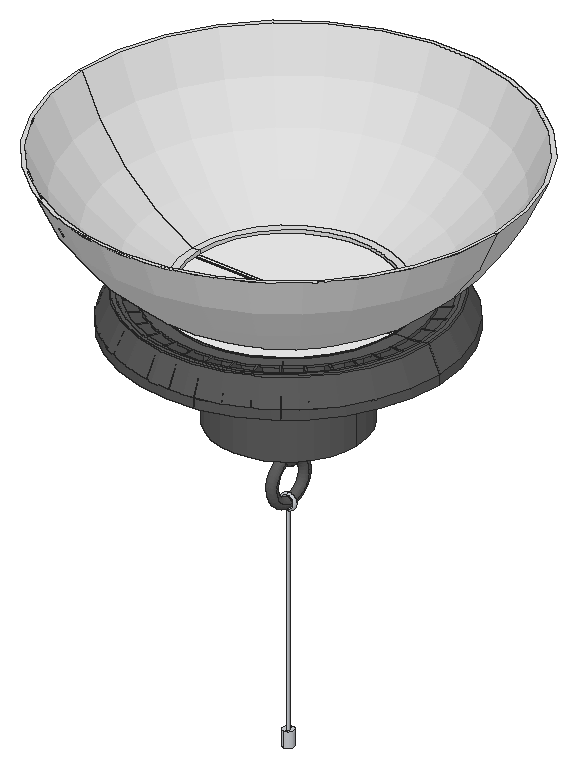
Revit family "0039366+0039356 Sylvania Lighting Fixture START HighBay IP65 DALI 19000lm 840 WB with ALU SHADE ALU COLOR FOR 13 19KLM pendant", category Lighting Fixtures, host Face, Revit 2017
Family settings
  Host = Face
  Round Connector Dimension = Use Diameter
  Part Type = Normal
  OmniClass Number = 23.80.70.00
  OmniClass Title = Lighting
  Cut with Voids When Loaded = No
  Light Source = Yes
  Shared = No
  Room Calculation Point = No
Parameters (values of type "0039366+0039356 START HighBay IP65 DALI 19000lm 840 WB with ALU SHADE ALU COLOR FOR 13/19KLM")
  WidthStraight_FEILO = if(SizeS_FEILO, 3 mm, if(SizeM_FEILO, 4 mm, 4.7 mm))  # 4 mm
  WidthRingChamfer_FEILO = if(SizeS_FEILO, 10.3 mm, if(SizeM_FEILO, 11.2 mm, 12.9 mm))  # 11.2 mm
  WidthCurved_FEILO = if(SizeS_FEILO, 17.4 mm, if(SizeM_FEILO, 16.4 mm, 26.2 mm))  # 16.4 mm
  WidthCurvedRing_FEILO = if(SizeS_FEILO, 3 mm, if(SizeM_FEILO, 4 mm, 4.7 mm))  # 4 mm
  WidthBracket_FEILO = 40 mm
  Weight = "3.4 kg"
  Wattage Comments = ""
  Wattage = 150 W
  WarrantyStartDate [instance] = "n/a"
  WarrantyGuarantorParts = "n/a"
  WarrantyDurationUnit = "n/a"
  WarrantyDurationParts = "n/a"
  WarrantyDescription = "n/a"
  built-in parameter 1150110 = 1 (stored number, unit not read)
  Voltage = 0 V
  VisibilityBracket_FEILO = no
  URL = "http://www.sylvania-lighting.com"
  TypeName = "START HighBay IP65 DALI 19000lm 840 WB with ALU SHADE ALU COLOR FOR 13/19KLM"
  Type Image = <None>
  Type Comments = "n/a"
  built-in parameter 1114217 = 1 (stored number, unit not read)
  Tilt Angle = -90.00°
  ThicknessWall_FEILO = 1.5 mm
  ThicknessBracket_FEILO = 1.5 mm
  ThicknessBracketHalf_FEILO = ThicknessBracket_FEILO / 2  # 0.75 mm
  built-in parameter 1150109 = 1 (stored number, unit not read)
  built-in parameter 1150134 = 1
  SuspensionHeight_FEILO [instance] = 400 mm
  built-in parameter 1150113 = 1 (stored number, unit not read)
  SizeS_FEILO = no
  SizeM_FEILO = yes
  ShadeThickness_FEILO = 3 mm
  ShadeSizeSM_FEILO = or(SizeS_FEILO, SizeM_FEILO)  # yes
  ShadeRadiusOut_FEILO = 205 mm
  ShadeRadiusIn_FEILO = if(ShadeSizeSM_FEILO, 95 mm, 121 mm)  # 95 mm
  ShadeRadiusBend_FEILO = if(ShadeSizeSM_FEILO, 210 mm, 210 mm)  # 210 mm
  ShadeHeight_FEILO = if(ShadeSizeSM_FEILO, 120 mm, 151 mm)  # 120 mm
  SerialNumber [instance] = "n/a"
  Rib4_FEILO = if(SizeS_FEILO, 18.1 mm, if(SizeM_FEILO, 13.6 mm, 14.6 mm))  # 13.6 mm
  Rib3_FEILO = if(SizeS_FEILO, 15.3 mm, if(SizeM_FEILO, 17.6 mm, 20.2 mm))  # 17.6 mm
  Rib2_FEILO = if(SizeS_FEILO, 3.6 mm, if(SizeM_FEILO, 3.9 mm, 4.5 mm))  # 3.9 mm
  Rib1_FEILO = if(SizeS_FEILO, 15.1 mm, if(SizeM_FEILO, 16.5 mm, 19 mm))  # 16.5 mm
  RadiusDiffuser_FEILO = if(SizeS_FEILO, 95.2 mm, if(SizeM_FEILO, 105.3 mm, 120 mm))  # 105.3 mm
  RadiusArrayPost_FEILO = DriverRadius_FEILO - 6 mm  # 61.2 mm
  RHRadius3_FEILO = if(SizeS_FEILO, 6.6 mm, if(SizeM_FEILO, 7.4 mm, 8.6 mm))  # 7.4 mm
  RHRadius2_FEILO = if(SizeS_FEILO, 11 mm, if(SizeM_FEILO, 12 mm, 14 mm))  # 12 mm
  RHRadius1_FEILO = if(SizeS_FEILO, 13.6 mm, if(SizeM_FEILO, 14.9 mm, 17.7 mm))  # 14.9 mm
  RHHeight4_FEILO = if(SizeS_FEILO, 7.3 mm, if(SizeM_FEILO, 8 mm, 9.2 mm))  # 8 mm
  RHHeight3_FEILO = if(SizeS_FEILO, 3.6 mm, if(SizeM_FEILO, 3.7 mm, 4.6 mm))  # 3.7 mm
  RHHeight2_FEILO = if(SizeS_FEILO, 2 mm, if(SizeM_FEILO, 2.2 mm, 2.6 mm))  # 2.2 mm
  RHHeight1_FEILO = if(SizeS_FEILO, 11.8 mm, if(SizeM_FEILO, 15.3 mm, 17.4 mm))  # 15.3 mm
  Photometric Web File = "0039366+0039356.ies"
  Material_5_FEILO = Shade-Sylvania-StartHighbay-Alu
  Material_3_FEILO = LED-Sylvania-StartHighbay-Glow
  PowerFactor = 0.95
  PowerConsumption = "150 W"
  NominalLength = 296 mm
  NominalHeight = 172 mm
  NominalDepth = 296 mm
  Name = "START HighBay IP65 DALI 19000lm 840 WB with ALU SHADE ALU COLOR FOR 13/19KLM"
  ModelReference = Name  # "START HighBay IP65 DALI 19000lm 840 WB with ALU SHADE ALU COLOR FOR 13/19KLM"
  ModelNumber = "0039366+0039356"
  Model = Name  # "START HighBay IP65 DALI 19000lm 840 WB with ALU SHADE ALU COLOR FOR 13/19KLM"
  Material = "aluminium alloy housing, polycarbonate diffuser"
  ManufacturerName = "Feilo Sylvania"
  Manufacturer = "Feilo Sylvania"
  LuminousEfficacy = "130 lm/W"
  built-in parameter 1150105 = 26502 (stored number, unit not read)
  Lumens = 19500 lm
  LuminaireType = ""
  built-in parameter 1150115 = 1 (stored number, unit not read)
  LightOutputRatio = "n/a"
  built-in parameter 1150137 = (empty or 0)
  built-in parameter 1150139 = (empty or 0)
  LampsType = Lamp  # "LED"
  LampNominalLuminous = "19500 lm"
  LampMacAdamStep = "6"
  LampColourTemperature = "6500 K"
  LampColourRenderingIndex = "80"
  built-in parameter 1150112 = 1 (stored number, unit not read)
  built-in parameter 1150114 = 1 (stored number, unit not read)
  Lamp = "LED"
  Keynote = "16500"
  InstallationDate [instance] = "n/a"
  InputVoltage = "n/a"
  InputNominalFrequency = "50/60 Hz"
  built-in parameter 1150132 = (empty or 0)
  built-in parameter 1150102 = (empty or 0)
  built-in parameter 1150107 = 6500 (stored number, unit not read)
  built-in parameter 1150138 = (empty or 0)
  IngressProtection = "IP65"
  ImpactProtectionIndex = "IK08"
  built-in parameter 1150106 = 265.02 (stored number, unit not read)
  IfcExportType = "IfcLightFixtureType"
  IfcExportAs = "IfcLightFixtureType"
  HeightRing_FEILO = if(SizeS_FEILO, 19.8 mm, if(SizeM_FEILO, 32 mm, 36.8 mm))  # 32 mm
  HeightRingChamfer_FEILO = if(SizeS_FEILO, 11.7 mm, if(SizeM_FEILO, 23.2 mm, 26.6 mm))  # 23.2 mm
  EyeThickness_FEILO = if(SizeS_FEILO, 8.4 mm, if(SizeM_FEILO, 9.2 mm, 10.5 mm))  # 9.2 mm
  EyeThicknessHalf_FEILO = EyeThickness_FEILO / 2  # 4.6 mm
  EyeInner_FEILO = if(SizeS_FEILO, 13.8 mm, if(SizeM_FEILO, 15.1 mm, 17.3 mm))  # 15.1 mm
  ExpectedLife = 50000
  Emit from Circle Diameter = RadiusDiffuser_FEILO * 2  # 210.6 mm
  Emit Shape Visible in Rendering = no
  ElectricShockClassification = "Class I"
  built-in parameter 1150104 = 12.077 (stored number, unit not read)
  DurationUnit = "hours"
  DriverVerticalStraight_FEILO = if(SizeS_FEILO, 46.5 mm, if(SizeM_FEILO, 49.7 mm, 57 mm))  # 49.7 mm
  DriverVerticalChamfer_FEILO = if(SizeS_FEILO, 7.5 mm, if(SizeM_FEILO, 8.2 mm, 9.5 mm))  # 8.2 mm
  DriverRadius_FEILO = if(SizeS_FEILO, 61.4 mm, if(SizeM_FEILO, 67.2 mm, 76.4 mm))  # 67.2 mm
  DriverRadiusTop_FEILO = if(SizeS_FEILO, 42 mm, if(SizeM_FEILO, 45.3 mm, 52.4 mm))  # 45.3 mm
  DriverBottom_FEILO = if(SizeS_FEILO, 56 mm, if(SizeM_FEILO, 64.5 mm, 74 mm))  # 64.5 mm
  DocumentationLiterature = "http://www.sylvania-lighting.com/product/en-int/products/0039366"
  DimmingControlOptions = "Dimmable"
  Material_2_FEILO = Diffuser-Sylvania-StartHighbay-Transparent
  Radius_FEILO = if(SizeS_FEILO, 135 mm, if(SizeM_FEILO, 148 mm, 169.5 mm))  # 148 mm
  Dimming Lamp Color Temperature Shift = <None>
  DiameterWire_FEILO = 3 mm
  DiameterWireSupport_FEILO = 10 mm
  Description = "START Highbay, includes 1 m cables, black aluminium housing, 19,500 Lm, 150 W, 130 Lm/W, 6500 K, drive current: 3300 mA, CRI 80, 90° beam angle, DALI dimmable, IP65, IK08, 50,000 hrs (L80/B50), (D x H) 296 x 172 mm."
  Default Elevation = 1219.2 mm
  CreatedOn = "5/15/2018"
  CreatedBy = ""
  Cost = 0
  Color Filter = 16777215
  built-in parameter 1114216 [instance] = (empty or 0)
  ClassificationValue = "EF_70_80"
  ClassificationName = "Uniclass2015"
  Material_1_FEILO = Body-Sylvania-StartHighbay-Black
  BarCode [instance] = "n/a"
  built-in parameter 1114218 = 1 (stored number, unit not read)
  built-in parameter 1150133 = 10 (stored number, unit not read)
  AssetType = "Fixed"
  AssetIdentifier [instance] = "n/a"
  Assembly Code = "D5020200"
  Apparent Load = 150 VA
  Material_4_FEILO = Shade-Sylvania-StartHighbay-Alu
Reference planes
  plane 1 "Center (Front/Back)": y = 0
  plane 2: z = 0
  plane 3 "Center (Left/Right)": x = 0
  plane 4: z = 400
  plane 5: x = -148
  plane 6: x = -136.8
  plane 7: z = 376.8
  plane 8: z = 368
  plane 9: x = -132.8
  plane 10: z = 397.375
  plane 11: x = -116.4
  plane 12: x = -105.3
  plane 13: x = -128.8
  plane 14: z = 398.375
  plane 15: z = 396.375
  plane 16: x = -102.3
  plane 17: z = 395.375
  plane 18: x = -146.5
  plane 19: x = -131.5
  plane 20: z = 364.1
  plane 21: x = -113.9
  plane 22: z = 350.5
  plane 23: x = -20
  plane 24: z = 335.5
  plane 25: x = -67.2
  plane 26: z = 285.8
  plane 27: x = -45.3
  plane 28: z = 277.6
  plane 29: x = -14.9
  plane 30: z = 262.3
  plane 31: z = 260.1
  plane 32: x = -12
  plane 33: z = 256.4
  plane 34: z = 248.4
  plane 35: x = -7.4
  plane 36: z = 233.3
  plane 37: z = 218.2
  plane 38: x = 4.6
  plane 39: x = -4.6
  plane 40: z = 209
  plane 41: z = 213.6
  plane 42: x = -141.65
  plane 43: x = -145.5
  plane 44: z = 366.5
  plane 45: x = -135.3
  plane 46: z = 310.65
  plane 47: y = -20
  plane 48: y = 20
  plane 49: x = 148
  plane 50: x = 136.8
  plane 51: x = 146.5
  plane 52: x = 141.65
  plane 53: x = 145.5
  plane 54: x = 135.3
  plane 55: z = 221.2
  plane 56: y = 1.5
  plane 57: y = -1.5
  plane 58: z = 219.7
  plane 59: z = 207.5
  plane 60: z = 206
  plane 61: y = -5
  plane 62: y = 5
  plane 63: z = 14
  plane 64: x = -205
  plane 65: z = 520
  plane 66: x = -95
  plane 67: x = -87
  plane 68: x = -202
  plane 69: z = 403
Forms (mm)
  Revolve 1, solid, material "Body-Sylvania-StartHighbay-Black" <- "Material_1_FEILO", detail levels medium+fine
    sketch origin (0, 0, 0) x (1, 0, 0) y (0, 0, 1)
      loop
        line (-148, 368) -> (-146.5, 368) -> (-146.5, 376.457) -> (-136.402, 397.375) -> (-128.8, 397.375) -> (-128.8, 398.859)
        arc (-128.8, 398.859) -> (-130.811, 399.39) -> (-132.8, 400) r 52.543
        line (-132.8, 400) -> (-136.341, 400)
        arc (-136.341, 400) -> (-136.831, 399.825) -> (-137.099, 399.38) r 0.774
        line (-137.099, 399.38) -> (-148, 376.8) -> (-148, 368)
      axis (0, 400) -> (0, 368)
    angle from 360 to 0
  Revolve 2, solid, material "Body-Sylvania-StartHighbay-Black" <- "Material_1_FEILO", detail levels medium+fine
    sketch origin (0, 0, 0) x (1, 0, 0) y (0, 0, 1)
      loop
        line (-116.4, 395.375) -> (-105.3, 395.375) -> (-105.3, 376.8) -> (0, 376.8) -> (0, 395.375) -> (-102.3, 395.375) -> (-102.3, 396.375) -> (-105.3, 396.375) -> (-105.3, 397.375) -> (-116.4, 397.375) -> (-116.4, 395.375)
      axis (0, 397.375) -> (0, 376.8)
    angle from 360 to 0
  Revolve 3, solid, material "Diffuser-Sylvania-StartHighbay-Transparent" <- "Material_2_FEILO", detail levels medium+fine
    sketch origin (0, 0, 0) x (1, 0, 0) y (0, 0, 1)
      loop
        line (-105.3, 396.375) -> (0, 396.375) -> (0, 398.375) -> (-105.3, 398.375) -> (-105.3, 396.375)
      axis (0, 398.375) -> (0, 396.375)
    angle from 360 to 0
  Revolve 4, solid, material "Body-Sylvania-StartHighbay-Black" <- "Material_1_FEILO"
    sketch origin (0, 0, 0) x (1, 0, 0) y (0, 0, 1)
      loop
        line (-67.2, 350.5) -> (-67.2, 285.8) -> (-45.3, 277.6) -> (-14.9, 277.6) -> (-14.9, 262.3) -> (-12, 260.1) -> (-12, 256.4) -> (-7.837, 249.126)
        arc (-7.837, 249.126) -> (-7.29, 248.594) -> (-6.553, 248.4) r 1.5
        line (-6.553, 248.4) -> (0, 248.4) -> (0, 350.5) -> (-67.2, 350.5)
      axis (0, 350.5) -> (0, 248.4)
    angle from 360 to 0
  Revolve 5, solid, material "Body-Sylvania-StartHighbay-Black" <- "Material_1_FEILO"
    sketch origin (0, 0, 0) x (1, 0, 0) y (0, 0, 1)
      loop
        circle (0, 213.6) r 4.6
      axis (4.6, 233.3) -> (-4.6, 233.3)
    angle from 360 to 0
  Extrusion 6, solid, material "Body-Sylvania-StartHighbay-Black" <- "Material_1_FEILO", visible <- "VisibilityBracket_FEILO"
    sketch origin (0, 0, 0) x (1, 0, 0) y (0, 0, 1)
      loop
        line (-145.5, 368) -> (-145.5, 366.5) -> (-137.55, 366.5)
        arc (-137.55, 366.5) -> (-137.02, 366.28) -> (-136.8, 365.75) r 0.75
        line (-136.8, 365.75) -> (-136.8, 310.65) -> (-135.3, 310.65) -> (-135.3, 366.5)
        arc (-135.3, 366.5) -> (-135.739, 367.561) -> (-136.8, 368) r 1.5
        line (-136.8, 368) -> (-145.5, 368)
      loop
        line (145.5, 368) -> (136.8, 368)
        arc (136.8, 368) -> (135.739, 367.561) -> (135.3, 366.5) r 1.5
        line (135.3, 366.5) -> (135.3, 310.65) -> (136.8, 310.65) -> (136.8, 365.75)
        arc (136.8, 365.75) -> (137.02, 366.28) -> (137.55, 366.5) r 0.75
        line (137.55, 366.5) -> (145.5, 366.5) -> (145.5, 368)
    from -20 to 20
  Extrusion 7, void
    sketch origin (0, 0, 0) x (0, 1, 0) y (0, 0, 1)
      loop
        arc (-10, 310.65) -> (-17.071, 313.579) -> (-20, 320.65) r 10
        line (-20, 320.65) -> (-25, 320.65) -> (-25, 305.65) -> (-10, 305.65) -> (-10, 310.65)
      loop
        line (10, 310.65) -> (10, 305.65) -> (25, 305.65) -> (25, 320.65) -> (20, 320.65)
        arc (20, 320.65) -> (17.071, 313.579) -> (10, 310.65) r 10
    from -136.8 to 136.8
  Revolve 8, solid, material "Body-Sylvania-StartHighbay-Black" <- "Material_1_FEILO", detail levels coarse
    sketch origin (0, 0, 0) x (1, 0, 0) y (0, 0, 1)
      loop
        line (0, 400) -> (-136.8, 400) -> (-148, 376.8) -> (-148, 368) -> (-131.5, 368) -> (-131.5, 364.1) -> (-113.9, 350.5) -> (0, 350.5) -> (0, 400)
      axis (0, 400) -> (0, 350.5)
    angle from 360 to 0
  Revolve 9, solid
    sketch origin (0, 0, 0) x (0, 1, 0) y (0, 0, 1)
      loop
        circle (0, 219.7) r 1.5
      axis (1.5, 213.6) -> (-1.5, 213.6)
    angle from 360 to 0
  Revolve 10, solid
    sketch origin (0, 0, 0) x (0, 1, 0) y (0, 0, 1)
      loop
        line (0, 0) -> (0, 207.5) -> (-1.5, 207.5) -> (-1.5, 14) -> (-5, 14) -> (-5, 0) -> (0, 0)
      axis (0, 0) -> (0, 207.5)
    angle from 360 to 0
  Revolve 11, solid, material "Shade-Sylvania-StartHighbay-Alu" <- "Material_4_FEILO"
    sketch origin (0, 0, 0) x (1, 0, 0) y (0, 0, 1)
      loop
        line (-95, 400) -> (-87, 400) -> (-87, 403) -> (-94.341, 403)
        arc (-94.341, 403) -> (-159.747, 450.78) -> (-201.81, 520) r 207
        line (-201.81, 520) -> (-205, 520)
        arc (-205, 520) -> (-162.101, 448.908) -> (-95, 400) r 210
      axis (0, 520) -> (0, 400)
    angle from 360 to 0
Cuts and joins
  Extrusion 7 cuts Extrusion 6
Lines and regions (mm)
  reference lines
    curve 1: line (-148, 0, 376.8) -> (-136.8, 0, 400)
    curve 2: line (-116.4, 0, 397.375) -> (0, 0, 397.375)
    curve 3: arc (-116.4, 0, 397.375) -> (-124.704, 0, 398.035) -> (-132.8, 0, 400) r 52.543
    curve 4: line (-136.8, 0, 400) -> (-132.8, 0, 400)
    curve 5: line (-136.402, 0, 397.375) -> (-146.5, 0, 376.457)
    curve 6: line (-131.5, 0, 364.1) -> (-113.9, 0, 350.5)
    curve 7: line (-12, 0, 256.4) -> (-7.4, 0, 248.4)
    curve 8: circle (0, 0, 213.6) r 4.6 normal (0, -1, 0)
    curve 9: arc (-95, 0, 400) -> (-162.101, 0, 448.908) -> (-205, 0, 520) r 210
Dimensions and locks
  "Radius_FEILO": plane 3 "Center (Left/Right)" to plane 5
  "WidthRingChamfer_FEILO": plane 6 to plane 5
  "WidthStraight_FEILO": plane 9 to plane 6
  "WidthCurvedRing_FEILO": plane 13 to plane 9
  locked: plane 10 to plane 15 at 1
  locked: plane 14 to plane 10 at 1
  locked: plane 4 to plane 10 at 2.625
  locked: plane 15 to plane 17 at 1
  "ThicknessWall_FEILO": plane 18 to plane 5
  "ThicknessWall_FEILO": curve 5 to curve 1
  "HeightRingChamfer_FEILO": plane 4 to plane 7
  "HeightRing_FEILO": plane 4 to plane 8
  "RadiusDiffuser_FEILO": plane 3 "Center (Left/Right)" to plane 12
  locked: plane 16 to plane 12 at 3
  "WidthCurved_FEILO": plane 11 to plane 9
  "SuspensionHeight_FEILO": plane 4 to plane 2
  "Rib1_FEILO": plane 19 to plane 5
  "Rib2_FEILO": plane 8 to plane 20
  "Rib3_FEILO": plane 21 to plane 19
  "Rib4_FEILO": plane 20 to plane 22
  locked: plane 3 "Center (Left/Right)" to plane 23 at 20
  "DriverBottom_FEILO": plane 4 to plane 24
  "DriverRadius_FEILO": plane 3 "Center (Left/Right)" to plane 25
  "DriverVerticalStraight_FEILO": plane 24 to plane 26
  "DriverRadiusTop_FEILO": plane 3 "Center (Left/Right)" to plane 27
  "DriverVerticalChamfer_FEILO": plane 26 to plane 28
  "RHRadius1_FEILO": plane 3 "Center (Left/Right)" to plane 29
  "RHHeight2_FEILO": plane 30 to plane 31
  "RHRadius2_FEILO": plane 3 "Center (Left/Right)" to plane 32
  "RHHeight3_FEILO": plane 31 to plane 33
  "RHHeight4_FEILO": plane 33 to plane 34
  "RHRadius3_FEILO": plane 3 "Center (Left/Right)" to plane 35
  "RHHeight1_FEILO": plane 28 to plane 30
  "EyeInner_FEILO": plane 34 to plane 36
  "EyeInner_FEILO": plane 36 to plane 37
  equal spacing: plane 38, plane 3 "Center (Left/Right)", plane 39
  "EyeThickness_FEILO": plane 38 to plane 39
  "EyeThickness_FEILO": plane 37 to plane 40
  equal spacing: plane 37, plane 41, plane 40
  equal spacing: plane 6, plane 42, plane 18
  "ThicknessBracket_FEILO": plane 45 to plane 6
  "ThicknessBracket_FEILO": plane 8 to plane 44
  locked: plane 43 to plane 18 at 1
  equal spacing: plane 24, plane 46, plane 26
  equal spacing: plane 47, plane 1 "Center (Front/Back)", plane 48
  "WidthBracket_FEILO": plane 47 to plane 48
  "WidthRingChamfer_FEILO": plane 50 to plane 49
  "ThicknessWall_FEILO": plane 51 to plane 49
  equal spacing: plane 50, plane 52, plane 51
  "ThicknessBracket_FEILO": plane 54 to plane 50
  locked: plane 53 to plane 51 at 1
  "Radius_FEILO": plane 49 to plane 3 "Center (Left/Right)"
  equal spacing: plane 57, imposter light, plane 56
  "DiameterWire_FEILO": plane 57 to plane 56
  "DiameterWire_FEILO": plane 37 to plane 55
  equal spacing: plane 37, plane 58, plane 55
  "DiameterWire_FEILO": plane 60 to plane 40
  equal spacing: plane 60, plane 59, plane 40
  equal spacing: plane 61, plane 1 "Center (Front/Back)", plane 62
  "DiameterWireSupport_FEILO": plane 61 to plane 62
  locked: plane 63 to plane 2 at 14
  "ShadeRadiusOut_FEILO": plane 3 "Center (Left/Right)" to plane 64
  "ShadeHeight_FEILO": plane 65 to plane 4
  "ShadeRadiusIn_FEILO": plane 3 "Center (Left/Right)" to plane 66
  locked: plane 67 to plane 66 at 8
  "ShadeThickness_FEILO": plane 69 to plane 4
  "ShadeThickness_FEILO": plane 68 to plane 64
  "EyeThicknessHalf_FEILO": radius of curve 8
  "ThicknessBracket_FEILO": radius of Extrusion 6 sketch curve  (x2)
  "ThicknessBracketHalf_FEILO": radius of Extrusion 6 sketch curve  (x2)
  "DiameterWire_FEILO": diameter of Revolve 9 sketch curve
  "ShadeRadiusBend_FEILO": radius of curve 9
  aligned and locked: plane 2 to host face
  aligned and locked: level to host face
  aligned and locked: plane 5 to curve 1
  aligned and locked: plane 6 to curve 1
  aligned and locked: plane 7 to curve 1
  aligned and locked: plane 10 to curve 2
  aligned and locked: plane 9 to curve 3
  aligned and locked: plane 4 to curve 3
  aligned and locked: plane 11 to curve 3
  aligned and locked: plane 4 to curve 4
  aligned and locked: plane 18 to curve 5
  aligned and locked: plane 10 to curve 5
  aligned and locked: Revolve 1 sketch curve to plane 3 "Center (Left/Right)"
  aligned and locked: Revolve 1 sketch curve to curve 3
  aligned and locked: Revolve 1 sketch curve to curve 1
  aligned and locked: plane 4 to Revolve 1 sketch curve
  aligned and locked: plane 9 to Revolve 1 sketch curve
  aligned and locked: Revolve 1 sketch curve to plane 13
  aligned and locked: Revolve 1 sketch curve to plane 10
  aligned and locked: plane 13 to Revolve 1 sketch curve
  aligned and locked: plane 10 to Revolve 1 sketch curve
  aligned and locked: Revolve 1 sketch curve to plane 18
  aligned and locked: Revolve 1 sketch curve to plane 8
  aligned and locked: plane 5 to Revolve 1 sketch curve  (x2)
  aligned and locked: Revolve 2 sketch curve to plane 3 "Center (Left/Right)"
  aligned and locked: plane 11 to Revolve 2 sketch curve
  aligned and locked: Revolve 2 sketch curve to curve 2
  aligned and locked: plane 15 to Revolve 2 sketch curve
  aligned and locked: Revolve 2 sketch curve to plane 16
  aligned and locked: plane 17 to Revolve 2 sketch curve  (x2)
  aligned and locked: Revolve 2 sketch curve to plane 12
  aligned and locked: plane 7 to Revolve 2 sketch curve
  aligned and locked: Revolve 3 sketch curve to plane 3 "Center (Left/Right)"
  aligned and locked: Revolve 3 sketch curve to plane 14
  aligned and locked: plane 3 "Center (Left/Right)" to Revolve 3 sketch curve
  aligned and locked: Revolve 3 sketch curve to plane 12
  aligned and locked: plane 15 to Revolve 3 sketch curve
  aligned and locked: Revolve 1 sketch curve to curve 5
  aligned and locked: plane 22 to curve 6
  aligned and locked: plane 21 to curve 6
  aligned and locked: plane 20 to curve 6
  aligned and locked: plane 19 to curve 6
  aligned and locked: plane 33 to curve 7
  aligned and locked: plane 32 to curve 7
  aligned and locked: plane 35 to curve 7
  aligned and locked: plane 34 to curve 7
  aligned and locked: Revolve 4 sketch curve to plane 3 "Center (Left/Right)"
  aligned and locked: Revolve 4 sketch curve to plane 25
  aligned and locked: plane 27 to Revolve 4 sketch curve
  aligned and locked: plane 28 to Revolve 4 sketch curve
  aligned and locked: plane 30 to Revolve 4 sketch curve
  aligned and locked: Revolve 4 sketch curve to plane 29
  aligned and locked: plane 31 to Revolve 4 sketch curve
  aligned and locked: Revolve 4 sketch curve to curve 7
  aligned and locked: Revolve 4 sketch curve to plane 32
  aligned and locked: plane 34 to Revolve 4 sketch curve
  aligned and locked: plane 3 "Center (Left/Right)" to Revolve 4 sketch curve
  aligned and locked: plane 3 "Center (Left/Right)" to curve 8
  aligned and locked: plane 41 to curve 8
  aligned and locked: Revolve 5 sketch curve to plane 36
  aligned and locked: Revolve 5 sketch curve to curve 8
  aligned and locked: plane 43 to Extrusion 6 sketch curve  (x2)
  aligned and locked: plane 8 to Extrusion 6 sketch curve  (x3)
  aligned and locked: Extrusion 6 sketch curve to plane 45
  aligned and locked: Extrusion 6 sketch curve to plane 46  (x2)
  aligned and locked: plane 6 to Extrusion 6 sketch curve
  aligned and locked: Extrusion 6 sketch curve to plane 44  (x2)
  aligned and locked: Extrusion 6 to plane 48
  aligned and locked: plane 47 to Extrusion 6
  aligned and locked: plane 53 to Extrusion 6 sketch curve
  aligned and locked: plane 50 to Extrusion 6 sketch curve
  aligned and locked: Extrusion 6 sketch curve to plane 54
  aligned and locked: Extrusion 7 sketch curve to Extrusion 7 sketch curve
  aligned and locked: Extrusion 7 to plane 6
  aligned and locked: Extrusion 7 to Extrusion 6
  aligned and locked: Revolve 4 sketch curve to plane 22
  aligned and locked: plane 23 to nested 1
  aligned and locked: plane 1 "Center (Front/Back)" to nested 1
  aligned and locked: Revolve 8 sketch curve to plane 3 "Center (Left/Right)"
  aligned and locked: Revolve 8 sketch curve to plane 4
  aligned and locked: plane 6 to Revolve 8 sketch curve
  aligned and locked: plane 4 to Revolve 8 sketch curve
  aligned and locked: plane 7 to Revolve 8 sketch curve
  aligned and locked: Revolve 8 sketch curve to plane 5
  aligned and locked: plane 8 to Revolve 8 sketch curve  (x2)
  aligned and locked: Revolve 8 sketch curve to plane 19
  aligned and locked: plane 20 to Revolve 8 sketch curve
  aligned and locked: plane 19 to Revolve 8 sketch curve
  aligned and locked: plane 21 to Revolve 8 sketch curve
  aligned and locked: plane 22 to Revolve 8 sketch curve  (x2)
  aligned and locked: Revolve 8 sketch curve to Revolve 8 sketch curve
  aligned and locked: imposter light to plane 4
  aligned and locked: plane 3 "Center (Left/Right)" to imposter light
  aligned and locked: imposter light to plane 1 "Center (Front/Back)"
  aligned and locked: Revolve 9 sketch curve to plane 41
  aligned and locked: Revolve 10 sketch curve to plane 1 "Center (Front/Back)"
  aligned and locked: plane 1 "Center (Front/Back)" to Revolve 10 sketch curve  (x2)
  aligned and locked: host face to Revolve 10 sketch curve
  aligned and locked: plane 63 to Revolve 10 sketch curve
  aligned and locked: Revolve 10 sketch curve to plane 61
  aligned and locked: Revolve 10 sketch curve to plane 57
  aligned and locked: plane 59 to Revolve 10 sketch curve
  aligned and locked: plane 64 to curve 9
  aligned and locked: plane 65 to curve 9
  aligned and locked: plane 66 to curve 9
  aligned and locked: plane 4 to curve 9
  aligned and locked: Revolve 11 sketch curve to curve 9
  aligned and locked: plane 67 to Revolve 11 sketch curve
  aligned and locked: plane 66 to Revolve 11 sketch curve
  aligned and locked: plane 65 to Revolve 11 sketch curve  (x2)
  aligned and locked: Revolve 11 sketch curve to plane 67
  aligned and locked: plane 69 to Revolve 11 sketch curve
Automatic sketch dimensions
  host sketch curve to host sketch curve = 2438.4 mm  (x2)
  Revolve 1 sketch curve to plane 6 = 0.299 mm
  plane 6 to Revolve 1 sketch curve = 0.459 mm
  Revolve 1 sketch curve to level = 609.6 mm
  Revolve 1 sketch curve to Revolve 1 sketch curve = 2312.223 mm
  Revolve 2 sketch curve to plane 12 = 0 mm
  Revolve 2 sketch curve to plane 3 "Center (Left/Right)" = 0 mm
  Revolve 2 sketch curve to level = 609.6 mm
  Revolve 2 sketch curve to plane 4 = 2339.058 mm
  Revolve 3 sketch curve to level = 609.6 mm
  Revolve 3 sketch curve to plane 4 = 2339.058 mm
  Revolve 5 sketch curve to plane 5 = 1080 mm
  plane 38 to Revolve 5 sketch curve = 1219.2 mm
  Extrusion 7 sketch curve to plane 47 = 0 mm
  plane 46 to Extrusion 7 sketch curve = 0 mm  (x2)
  Extrusion 7 sketch curve to plane 48 = 0 mm
  plane 47 to Extrusion 7 sketch curve = 5 mm
  plane 1 "Center (Front/Back)" to Extrusion 7 sketch curve = 10 mm
  Extrusion 7 sketch curve to Extrusion 7 sketch curve = 10 mm
  plane 46 to Extrusion 7 sketch curve = 5 mm
  Extrusion 7 sketch curve to Extrusion 7 sketch curve = 5 mm
  Extrusion 7 sketch curve to plane 48 = 5 mm
  Revolve 4 sketch curve to plane 26 = 0 mm
  Revolve 4 sketch curve to plane 35 = 0.437 mm
  plane 35 to Revolve 4 sketch curve = 0.847 mm
  Revolve 4 sketch curve to plane 34 = 0.726 mm
  plane 40 to Revolve 4 sketch curve = 590.2 mm
  Revolve 4 sketch curve to plane 4 = 2339.058 mm
  Revolve 8 sketch curve to level = 609.6 mm
  Revolve 8 sketch curve to Revolve 8 sketch curve = 2386.058 mm
  Revolve 9 sketch curve to plane 1 "Center (Front/Back)" = 0 mm
  plane 58 to Revolve 9 sketch curve = 0 mm
  plane 47 to Revolve 9 sketch curve = 2534.941 mm
  Revolve 9 sketch curve to plane 48 = 2077.409 mm
  Revolve 10 sketch curve to Revolve 10 sketch curve = 609.6 mm
  Revolve 10 sketch curve to plane 4 = 2123.807 mm
  curve 2 to plane 3 "Center (Left/Right)" = 0 mm
  Revolve 11 sketch curve to Revolve 11 sketch curve = 0 mm  (x2)
  Revolve 11 sketch curve to plane 3 "Center (Left/Right)" = 0 mm
  plane 66 to Revolve 11 sketch curve = 0.659 mm
  Revolve 11 sketch curve to level = 609.6 mm
  Revolve 11 sketch curve to Revolve 11 sketch curve = 2068.248 mm
Nested families
  nested 1: "Start Highbay Rib" at (0, 0, 397.375), type "Type Name", detail levels medium+fine
    with SuspensionHeight_FEILO 2.6 mm
  nested 2: "Start Highbay Rib" at (0, 0, 397.375) x (0.9877, 0.1564, 0) z (0, 0, 1), type "Type Name", detail levels medium+fine
    with SuspensionHeight_FEILO 2.6 mm
  nested 3: "Start Highbay Rib" at (0, 0, 397.375) x (0.9511, 0.309, 0) z (0, 0, 1), type "Type Name", detail levels medium+fine
    with SuspensionHeight_FEILO 2.6 mm
  nested 4: "Start Highbay Rib" at (0, 0, 397.375) x (0.891, 0.454, 0) z (0, 0, 1), type "Type Name", detail levels medium+fine
    with SuspensionHeight_FEILO 2.6 mm
  nested 5: "Start Highbay Rib" at (0, 0, 397.375) x (0.809, 0.5878, 0) z (0, 0, 1), type "Type Name", detail levels medium+fine
    with SuspensionHeight_FEILO 2.6 mm
  nested 6: "Start Highbay Rib" at (0, 0, 397.375) x (0.7071, 0.7071, 0) z (0, 0, 1), type "Type Name", detail levels medium+fine
    with SuspensionHeight_FEILO 2.6 mm
  nested 7: "Start Highbay Rib" at (0, 0, 397.375) x (0.5878, 0.809, 0) z (0, 0, 1), type "Type Name", detail levels medium+fine
    with SuspensionHeight_FEILO 2.6 mm
  nested 8: "Start Highbay Rib" at (0, 0, 397.375) x (0.454, 0.891, 0) z (0, 0, 1), type "Type Name", detail levels medium+fine
    with SuspensionHeight_FEILO 2.6 mm
  nested 9: "Start Highbay Rib" at (0, 0, 397.375) x (0.309, 0.9511, 0) z (0, 0, 1), type "Type Name", detail levels medium+fine
    with SuspensionHeight_FEILO 2.6 mm
  nested 10: "Start Highbay Rib" at (0, 0, 397.375) x (0.1564, 0.9877, 0) z (0, 0, 1), type "Type Name", detail levels medium+fine
    with SuspensionHeight_FEILO 2.6 mm
  nested 11: "Start Highbay Rib" at (0, 0, 397.375) x (0, 1, 0) z (0, 0, 1), type "Type Name", detail levels medium+fine
    with SuspensionHeight_FEILO 2.6 mm
  nested 12: "Start Highbay Rib" at (0, 0, 397.375) x (-0.1564, 0.9877, 0) z (0, 0, 1), type "Type Name", detail levels medium+fine
    with SuspensionHeight_FEILO 2.6 mm
  nested 13: "Start Highbay Rib" at (0, 0, 397.375) x (-0.309, 0.9511, 0) z (0, 0, 1), type "Type Name", detail levels medium+fine
    with SuspensionHeight_FEILO 2.6 mm
  nested 14: "Start Highbay Rib" at (0, 0, 397.375) x (-0.454, 0.891, 0) z (0, 0, 1), type "Type Name", detail levels medium+fine
    with SuspensionHeight_FEILO 2.6 mm
  nested 15: "Start Highbay Rib" at (0, 0, 397.375) x (-0.5878, 0.809, 0) z (0, 0, 1), type "Type Name", detail levels medium+fine
    with SuspensionHeight_FEILO 2.6 mm
  nested 16: "Start Highbay Rib" at (0, 0, 397.375) x (-0.7071, 0.7071, 0) z (0, 0, 1), type "Type Name", detail levels medium+fine
    with SuspensionHeight_FEILO 2.6 mm
  nested 17: "Start Highbay Rib" at (0, 0, 397.375) x (-0.809, 0.5878, 0) z (0, 0, 1), type "Type Name", detail levels medium+fine
    with SuspensionHeight_FEILO 2.6 mm
  nested 18: "Start Highbay Rib" at (0, 0, 397.375) x (-0.891, 0.454, 0) z (0, 0, 1), type "Type Name", detail levels medium+fine
    with SuspensionHeight_FEILO 2.6 mm
  nested 19: "Start Highbay Rib" at (0, 0, 397.375) x (-0.9511, 0.309, 0) z (0, 0, 1), type "Type Name", detail levels medium+fine
    with SuspensionHeight_FEILO 2.6 mm
  nested 20: "Start Highbay Rib" at (0, 0, 397.375) x (-0.9877, 0.1564, 0) z (0, 0, 1), type "Type Name", detail levels medium+fine
    with SuspensionHeight_FEILO 2.6 mm
  nested 21: "Start Highbay Rib" at (0, 0, 397.375) x (-1, 0, 0) z (0, 0, 1), type "Type Name", detail levels medium+fine
    with SuspensionHeight_FEILO 2.6 mm
  nested 22: "Start Highbay Rib" at (0, 0, 397.375) x (-0.9877, -0.1564, 0) z (0, 0, 1), type "Type Name", detail levels medium+fine
    with SuspensionHeight_FEILO 2.6 mm
  nested 23: "Start Highbay Rib" at (0, 0, 397.375) x (-0.9511, -0.309, 0) z (0, 0, 1), type "Type Name", detail levels medium+fine
    with SuspensionHeight_FEILO 2.6 mm
  nested 24: "Start Highbay Rib" at (0, 0, 397.375) x (-0.891, -0.454, 0) z (0, 0, 1), type "Type Name", detail levels medium+fine
    with SuspensionHeight_FEILO 2.6 mm
  nested 25: "Start Highbay Rib" at (0, 0, 397.375) x (-0.809, -0.5878, 0) z (0, 0, 1), type "Type Name", detail levels medium+fine
    with SuspensionHeight_FEILO 2.6 mm
  nested 26: "Start Highbay Rib" at (0, 0, 397.375) x (-0.7071, -0.7071, 0) z (0, 0, 1), type "Type Name", detail levels medium+fine
    with SuspensionHeight_FEILO 2.6 mm
  nested 27: "Start Highbay Rib" at (0, 0, 397.375) x (-0.5878, -0.809, 0) z (0, 0, 1), type "Type Name", detail levels medium+fine
    with SuspensionHeight_FEILO 2.6 mm
  nested 28: "Start Highbay Rib" at (0, 0, 397.375) x (-0.454, -0.891, 0) z (0, 0, 1), type "Type Name", detail levels medium+fine
    with SuspensionHeight_FEILO 2.6 mm
  nested 29: "Start Highbay Rib" at (0, 0, 397.375) x (-0.309, -0.9511, 0) z (0, 0, 1), type "Type Name", detail levels medium+fine
    with SuspensionHeight_FEILO 2.6 mm
  nested 30: "Start Highbay Rib" at (0, 0, 397.375) x (-0.1564, -0.9877, 0) z (0, 0, 1), type "Type Name", detail levels medium+fine
    with SuspensionHeight_FEILO 2.6 mm
  nested 31: "Start Highbay Rib" at (0, 0, 397.375) x (0, -1, 0) z (0, 0, 1), type "Type Name", detail levels medium+fine
    with SuspensionHeight_FEILO 2.6 mm
  nested 32: "Start Highbay Rib" at (0, 0, 397.375) x (0.1564, -0.9877, 0) z (0, 0, 1), type "Type Name", detail levels medium+fine
    with SuspensionHeight_FEILO 2.6 mm
  nested 33: "Start Highbay Rib" at (0, 0, 397.375) x (0.309, -0.9511, 0) z (0, 0, 1), type "Type Name", detail levels medium+fine
    with SuspensionHeight_FEILO 2.6 mm
  nested 34: "Start Highbay Rib" at (0, 0, 397.375) x (0.454, -0.891, 0) z (0, 0, 1), type "Type Name", detail levels medium+fine
    with SuspensionHeight_FEILO 2.6 mm
  nested 35: "Start Highbay Rib" at (0, 0, 397.375) x (0.5878, -0.809, 0) z (0, 0, 1), type "Type Name", detail levels medium+fine
    with SuspensionHeight_FEILO 2.6 mm
  nested 36: "Start Highbay Rib" at (0, 0, 397.375) x (0.7071, -0.7071, 0) z (0, 0, 1), type "Type Name", detail levels medium+fine
    with SuspensionHeight_FEILO 2.6 mm
  nested 37: "Start Highbay Rib" at (0, 0, 397.375) x (0.809, -0.5878, 0) z (0, 0, 1), type "Type Name", detail levels medium+fine
    with SuspensionHeight_FEILO 2.6 mm
  nested 38: "Start Highbay Rib" at (0, 0, 397.375) x (0.891, -0.454, 0) z (0, 0, 1), type "Type Name", detail levels medium+fine
    with SuspensionHeight_FEILO 2.6 mm
  nested 39: "Start Highbay Rib" at (0, 0, 397.375) x (0.9511, -0.309, 0) z (0, 0, 1), type "Type Name", detail levels medium+fine
    with SuspensionHeight_FEILO 2.6 mm
  nested 40: "Start Highbay Rib" at (0, 0, 397.375) x (0.9877, -0.1564, 0) z (0, 0, 1), type "Type Name", detail levels medium+fine
    with SuspensionHeight_FEILO 2.6 mm
Connectors
  electrical at (0, 0, 0), driven by "Apparent Load", driven by "PowerFactor", driven by "Voltage"
    settings: index 1, voltage 0 V, apparent load 150 VA, apparent load phase1 0 VA, apparent load phase2 0 VA, apparent load phase3 0 VA, power factor 0.95, load classification "Lighting", number of poles 1, system type 30, power factor state 1, is connector primary yes, connector utility no, sub classification motor no, connector description ""
Definition of nested family "Start Highbay Rib"
  Parameters (values of type "Type Name")
    WidthStraight_FEILO = if(SizeS_FEILO, 3 mm, if(SizeM_FEILO, 4 mm, 4.7 mm))  # 3 mm
    WidthRingChamfer_FEILO = if(SizeS_FEILO, 10.3 mm, if(SizeM_FEILO, 11.2 mm, 12.9 mm))  # 10.3 mm
    WidthCurved_FEILO = if(SizeS_FEILO, 17.4 mm, if(SizeM_FEILO, 16.4 mm, 26.2 mm))  # 17.4 mm
    WidthCurvedRing_FEILO = if(SizeS_FEILO, 3 mm, if(SizeM_FEILO, 4 mm, 4.7 mm))  # 3 mm
    WidthBracket_FEILO = 40 mm
    URL = "http://www.feilosylvania.com"
    Type Image = (empty or 0)
    Type Comments = "n/a"
    ThicknessWall_FEILO = 1.5 mm
    ThicknessBracket_FEILO = 1.5 mm
    ThicknessBracketHalf_FEILO = ThicknessBracket_FEILO / 2  # 0.75 mm
    SuspensionHeight_FEILO [instance] = 2.6 mm
    SizeS_FEILO = yes
    SizeM_FEILO = no
    Rib4_FEILO = if(SizeS_FEILO, 18.1 mm, if(SizeM_FEILO, 13.6 mm, 14.6 mm))  # 18.1 mm
    Rib3_FEILO = if(SizeS_FEILO, 15.3 mm, if(SizeM_FEILO, 17.6 mm, 20.2 mm))  # 15.3 mm
    Rib2_FEILO = if(SizeS_FEILO, 3.6 mm, if(SizeM_FEILO, 3.9 mm, 4.5 mm))  # 3.6 mm
    Rib1_FEILO = if(SizeS_FEILO, 15.1 mm, if(SizeM_FEILO, 16.5 mm, 19 mm))  # 15.1 mm
    RadiusRib_FEILO = 2 mm
    RadiusDiffuser_FEILO = if(SizeS_FEILO, 95.2 mm, if(SizeM_FEILO, 105.3 mm, 120 mm))  # 95.2 mm
    RHRadius3_FEILO = if(SizeS_FEILO, 6.6 mm, if(SizeM_FEILO, 7.4 mm, 8.6 mm))  # 6.6 mm
    RHRadius2_FEILO = if(SizeS_FEILO, 11 mm, if(SizeM_FEILO, 12 mm, 14 mm))  # 11 mm
    RHRadius1_FEILO = if(SizeS_FEILO, 13.6 mm, if(SizeM_FEILO, 14.9 mm, 17.7 mm))  # 13.6 mm
    RHHeight4_FEILO = if(SizeS_FEILO, 7.3 mm, if(SizeM_FEILO, 8 mm, 9.2 mm))  # 7.3 mm
    RHHeight3_FEILO = if(SizeS_FEILO, 3.6 mm, if(SizeM_FEILO, 3.7 mm, 4.6 mm))  # 3.6 mm
    RHHeight2_FEILO = if(SizeS_FEILO, 2 mm, if(SizeM_FEILO, 2.2 mm, 2.6 mm))  # 2 mm
    RHHeight1_FEILO = if(SizeS_FEILO, 11.8 mm, if(SizeM_FEILO, 15.3 mm, 17.4 mm))  # 11.8 mm
    Material_3_FEILO = none
    Model = ""
    Manufacturer = "Feilo Sylvania"
    Keynote = "16500"
    HeightRing_FEILO = if(SizeS_FEILO, 19.8 mm, if(SizeM_FEILO, 32 mm, 36.8 mm))  # 19.8 mm
    HeightRingChamfer_FEILO = if(SizeS_FEILO, 11.7 mm, if(SizeM_FEILO, 23.2 mm, 26.6 mm))  # 11.7 mm
    EyeThickness_FEILO = if(SizeS_FEILO, 8.4 mm, if(SizeM_FEILO, 9.2 mm, 10.5 mm))  # 8.4 mm
    EyeThicknessHalf_FEILO = EyeThickness_FEILO / 2  # 4.2 mm
    EyeInner_FEILO = if(SizeS_FEILO, 13.8 mm, if(SizeM_FEILO, 15.1 mm, 17.3 mm))  # 13.8 mm
    DriverVerticalStraight_FEILO = if(SizeS_FEILO, 46.5 mm, if(SizeM_FEILO, 49.7 mm, 57 mm))  # 46.5 mm
    DriverVerticalChamfer_FEILO = if(SizeS_FEILO, 7.5 mm, if(SizeM_FEILO, 8.2 mm, 9.5 mm))  # 7.5 mm
    DriverRadius_FEILO = if(SizeS_FEILO, 61.4 mm, if(SizeM_FEILO, 67.2 mm, 76.4 mm))  # 61.4 mm
    DriverRadiusTop_FEILO = if(SizeS_FEILO, 42 mm, if(SizeM_FEILO, 45.3 mm, 52.4 mm))  # 42 mm
    DriverBottom_FEILO = if(SizeS_FEILO, 56 mm, if(SizeM_FEILO, 64.5 mm, 74 mm))  # 56 mm
    Material_2_FEILO = none
    Radius_FEILO = if(SizeS_FEILO, 135 mm, if(SizeM_FEILO, 148 mm, 169.5 mm))  # 135 mm
    Description = ""
    Default Elevation = 1219.2 mm
    Cost = 0
    Material_1_FEILO = none
    Assembly Code = "D5020200"
    Material_4_FEILO = none
  Reference planes
    plane 1 "Center (Front/Back)": y = 0
    plane 2: z = 0
    plane 3 "Center (Left/Right)": x = 0
    plane 4: z = 2.6
    plane 5: x = -135
    plane 6: x = -124.7
    plane 7: z = -9.1
    plane 8: z = -17.2
    plane 9: x = -121.7
    plane 10: z = -0.025
    plane 11: x = -104.3
    plane 12: x = -95.2
    plane 13: x = -118.7
    plane 14: z = 0.975
    plane 15: z = -1.025
    plane 16: x = -92.2
    plane 17: z = -2.025
    plane 18: x = -133.5
    plane 19: x = -119.9
    plane 20: z = -20.8
    plane 21: x = -104.6
    plane 22: z = -38.9
    plane 23: x = -20
    plane 24: z = -53.4
    plane 25: x = -61.4
    plane 26: z = -99.9
    plane 27: x = -42
    plane 28: z = -107.4
    plane 29: x = -13.6
    plane 30: z = -119.2
    plane 31: z = -121.2
    plane 32: x = -11
    plane 33: z = -124.8
    plane 34: z = -132.1
    plane 35: x = -6.6
    plane 36: z = -145.9
    plane 37: z = -159.7
    plane 38: x = 4.2
    plane 39: x = -4.2
    plane 40: z = -168.1
    plane 41: z = -163.9
    plane 42: x = -129.1
    plane 43: x = -132.5
    plane 44: z = -18.7
    plane 45: x = -123.2
    plane 46: z = -76.65
    plane 47: y = -20
    plane 48: y = 20
    plane 49: x = 135
    plane 50: x = 124.7
    plane 51: x = 133.5
    plane 52: x = 129.1
    plane 53: x = 132.5
    plane 54: x = 123.2
    plane 55: y = 0.75
    plane 56: y = -0.75
  Forms (mm)
    Extrusion 1, solid
      sketch origin (4.2, 0, 0) x (1, 0, 0) y (0, 1, 0)
        loop
          line (-1219.2, 1219.2) -> (-1219.2, -1219.2) -> (1219.2, -1219.2) -> (1219.2, 1219.2) -> (-1219.2, 1219.2)
      from 0 to -68.017
    Extrusion 2, solid, material <- "Material_1_FEILO"
      sketch origin (0, 0, 0) x (1, 0, 0) y (0, 0, 1)
        loop
          arc (-104.3, -0.025) -> (-111.555, 0.423) -> (-118.7, 1.76) r 58.981
          line (-118.7, 1.76) -> (-118.7, -0.025) -> (-125.012, -0.025) -> (-133.5, -9.666) -> (-133.5, -17.2) -> (-119.9, -17.2) -> (-119.9, -20.068)
          arc (-119.9, -20.068) -> (-119.778, -20.755) -> (-119.427, -21.359) r 2
          line (-119.427, -21.359) -> (-104.966, -38.467)
          arc (-104.966, -38.467) -> (-104.381, -38.789) -> (-103.723, -38.9) r 2
          line (-103.723, -38.9) -> (-20, -38.9) -> (-20, -9.1) -> (-95.2, -9.1) -> (-95.2, -2.025) -> (-104.3, -2.025) -> (-104.3, -0.025)
      from -0.75 to 0.75
  Lines and regions (mm)
    reference lines
      curve 1: line (-135, 0, -9.1) -> (-124.7, 0, 2.6)
      curve 2: line (-104.3, 0, -0.025) -> (0, 0, -0.025)
      curve 3: arc (-104.3, 0, -0.025) -> (-113.098, 0, 0.635) -> (-121.7, 0, 2.6) r 58.981
      curve 4: line (-124.7, 0, 2.6) -> (-121.7, 0, 2.6)
      curve 5: line (-125.012, 0, -0.025) -> (-133.5, 0, -9.666)
      curve 6: line (-119.9, 0, -20.8) -> (-104.6, 0, -38.9)
  Dimensions and locks
    "Radius_FEILO": plane 3 "Center (Left/Right)" to plane 5
    "WidthRingChamfer_FEILO": plane 6 to plane 5
    "WidthStraight_FEILO": plane 9 to plane 6
    "WidthCurvedRing_FEILO": plane 13 to plane 9
    locked: plane 10 to plane 15 at 1
    locked: plane 14 to plane 10 at 1
    locked: plane 4 to plane 10 at 2.625
    locked: plane 15 to plane 17 at 1
    "ThicknessWall_FEILO": plane 18 to plane 5
    "ThicknessWall_FEILO": curve 5 to curve 1
    "HeightRingChamfer_FEILO": plane 4 to plane 7
    "HeightRing_FEILO": plane 4 to plane 8
    "RadiusDiffuser_FEILO": plane 3 "Center (Left/Right)" to plane 12
    locked: plane 16 to plane 12 at 3
    "WidthCurved_FEILO": plane 11 to plane 9
    "SuspensionHeight_FEILO": plane 4 to plane 2
    "Rib1_FEILO": plane 19 to plane 5
    "Rib2_FEILO": plane 8 to plane 20
    "Rib3_FEILO": plane 21 to plane 19
    "Rib4_FEILO": plane 20 to plane 22
    locked: plane 3 "Center (Left/Right)" to plane 23 at 20
    "DriverBottom_FEILO": plane 4 to plane 24
    "DriverRadius_FEILO": plane 3 "Center (Left/Right)" to plane 25
    "DriverVerticalStraight_FEILO": plane 24 to plane 26
    "DriverRadiusTop_FEILO": plane 3 "Center (Left/Right)" to plane 27
    "DriverVerticalChamfer_FEILO": plane 26 to plane 28
    "RHRadius1_FEILO": plane 3 "Center (Left/Right)" to plane 29
    "RHHeight2_FEILO": plane 30 to plane 31
    "RHRadius2_FEILO": plane 3 "Center (Left/Right)" to plane 32
    "RHHeight3_FEILO": plane 31 to plane 33
    "RHHeight4_FEILO": plane 33 to plane 34
    "RHRadius3_FEILO": plane 3 "Center (Left/Right)" to plane 35
    "RHHeight1_FEILO": plane 28 to plane 30
    "EyeInner_FEILO": plane 34 to plane 36
    "EyeInner_FEILO": plane 36 to plane 37
    equal spacing: plane 38, plane 3 "Center (Left/Right)", plane 39
    "EyeThickness_FEILO": plane 38 to plane 39
    "EyeThickness_FEILO": plane 37 to plane 40
    equal spacing: plane 37, plane 41, plane 40
    equal spacing: plane 6, plane 42, plane 18
    "ThicknessBracket_FEILO": plane 45 to plane 6
    "ThicknessBracket_FEILO": plane 8 to plane 44
    locked: plane 43 to plane 18 at 1
    equal spacing: plane 24, plane 46, plane 26
    equal spacing: plane 47, plane 1 "Center (Front/Back)", plane 48
    "WidthBracket_FEILO": plane 47 to plane 48
    "WidthRingChamfer_FEILO": plane 50 to plane 49
    "ThicknessWall_FEILO": plane 51 to plane 49
    equal spacing: plane 50, plane 52, plane 51
    "ThicknessBracket_FEILO": plane 54 to plane 50
    locked: plane 53 to plane 51 at 1
    "Radius_FEILO": plane 49 to plane 3 "Center (Left/Right)"
    equal spacing: plane 56, plane 1 "Center (Front/Back)", plane 55
    "ThicknessWall_FEILO": plane 56 to plane 55
    "RadiusRib_FEILO": radius of Extrusion 2 sketch curve  (x2)
    aligned and locked: plane 2 to Extrusion 1
    aligned and locked: level to Extrusion 1
    aligned and locked: plane 5 to curve 1
    aligned and locked: plane 6 to curve 1
    aligned and locked: plane 7 to curve 1
    aligned and locked: plane 10 to curve 2
    aligned and locked: plane 9 to curve 3
    aligned and locked: plane 4 to curve 3
    aligned and locked: plane 11 to curve 3
    aligned and locked: plane 4 to curve 4
    aligned and locked: plane 18 to curve 5
    aligned and locked: plane 10 to curve 5
    aligned and locked: plane 22 to curve 6
    aligned and locked: plane 21 to curve 6
    aligned and locked: plane 20 to curve 6
    aligned and locked: plane 19 to curve 6
    aligned and locked: Extrusion 2 sketch curve to plane 23
    aligned and locked: Extrusion 2 sketch curve to plane 22
    aligned and locked: Extrusion 2 sketch curve to curve 6
    aligned and locked: plane 19 to Extrusion 2 sketch curve
    aligned and locked: Extrusion 2 sketch curve to plane 8
    aligned and locked: Extrusion 2 sketch curve to curve 5
    aligned and locked: Extrusion 2 sketch curve to curve 3
    aligned and locked: Extrusion 2 to plane 55
    aligned and locked: plane 56 to Extrusion 2
    aligned and locked: curve 6 to Extrusion 2 sketch curve
  Automatic sketch dimensions
    Extrusion 1 sketch curve to Extrusion 1 sketch curve = 2438.4 mm  (x2)
    curve 2 to plane 3 "Center (Left/Right)" = 0 mm
    Extrusion 2 sketch curve to plane 18 = 0 mm
    Extrusion 2 sketch curve to plane 10 = 0 mm
    Extrusion 2 sketch curve to plane 13 = 0 mm
    Extrusion 2 sketch curve to plane 7 = 0 mm
    Extrusion 2 sketch curve to plane 12 = 0 mm
    Extrusion 2 sketch curve to plane 17 = 0 mm
    plane 19 to Extrusion 2 sketch curve = 0.473 mm
    Extrusion 2 sketch curve to plane 21 = 0.366 mm
